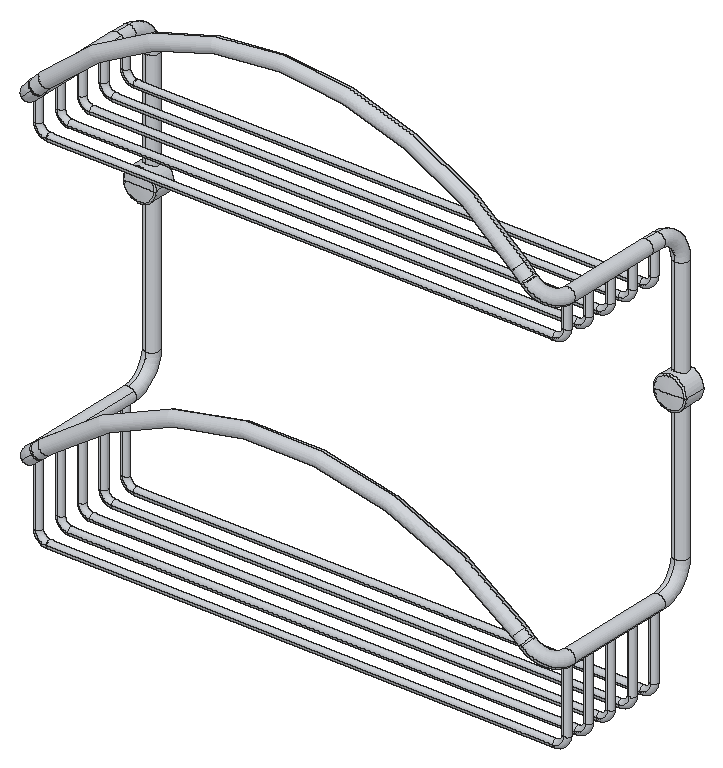
Revit family "Reece_Accessory_Posh_Solus_Double Shelf System", category Plumbing Fixtures, Revit 2018
Family settings
  Round Connector Dimension = Use Diameter
  Part Type = Normal
  Work Plane-Based = Yes
  Always vertical = Yes
  Cut with Voids When Loaded = Yes
  Shared = Yes
  Room Calculation Point = Yes
Parameters
  URL = "https://www.reece.com.au/product/-2260175"
  Type Comments = "Accessory"
  Reece_Product_Web Page = "https://www.reece.com.au/product/-2260175"
  Reece_Product_Type = "Accessory"  # constant formula
  Reece_Product_Sub Brand = "Solus"  # constant formula
  Reece_Product_Number = "2260175"
  Reece_Product_Mount = "Wall Mounted"
  Reece_Product_Description = "Posh Solus Double Shelf System Chrome"
  Reece_Product_Brand = "Posh"  # constant formula
  Reece_Overall_Width = 100 mm  # constant formula
  Reece_Overall_Length = 300 mm  # constant formula
  Reece_Overall_Height = 299 mm  # constant formula
  Reece_Material_Main = Reece_Brass_Chrome
  Reece_Height_From_Level [instance] = 1000 mm
  Reece_Detail_Installation = "Wall Mounted"  # constant formula
  Reece_Detail_Disclaimer = "THIS FILE IS THE PROPERTY OF THE REECE GROUP. IT MAY NOT BE REPRODUCED, REVERSE-ENGINEERED OR MODIFIED. ANY REPUBLICATION, TRANSMISSION OR DISTRIBUTION FOR THE PURPOSE OF COMMERCIALLY EXPLOITING THE FILES IS PROHIBITED."  # constant formula
  Reece_Detail_Additional = "Double Shelf System"  # constant formula
  Model = "Solus"
  Manufacturer = "Posh"
  Keynote = "Product #2260175, Reece_Accessory_Posh_Solus_Double Shelf System -  "
  Disclaimer = "THIS FILE IS THE PROPERTY OF THE REECE GROUP. IT MAY NOT BE REPRODUCED, REVERSE-ENGINEERED OR MODIFIED. ANY REPUBLICATION, TRANSMISSION OR DISTRIBUTION FOR THE PURPOSE OF COMMERCIALLY EXPLOITING THE FILES IS PROHIBITED."  # constant formula
  Description = "Posh Solus Double Shelf System Chrome"
  Default Elevation = 0 mm
Types (2, lengths in mm): name | Keynote
  (no name) | "Product #2260175, Reece_Accessory_Posh_Solus_Double Shelf System -  "
  Chrome | "Product #2260175, Reece_Accessory_Posh_Solus_Double Shelf System - Chrome"
Reference planes
  plane 1 "Center (Front/Back)": y = 0
  plane 2 "Bottom Host Plane": z = -5
  plane 3 "Center (Left/Right)": x = 0
  plane 4 "Height From Floor": z = 1000
  plane 5: z = 1152.602
  plane 6: z = 853.602
  plane 7: x = 150
  plane 8: x = -150
  plane 9: y = -100
  plane 10: y = -20.3
Lines and regions (mm)
  model lines, style "InvisibleLines"
    curve 1: line (0, 0, -5) -> (0, 0, 1000)
Text (mm)
  text "Reece ©" at (2668.853, -2395.367, 2952.593), in view "Reece Preview"
  text "Reece Copyright © 2018, Reece Ltd." at (-247.475, -190.626, 0), in view "Ref. Level"
Dimensions and locks
  plane 2 "Bottom Host Plane" to level = 5 mm
  locked: level to plane 2 "Bottom Host Plane" at 5
  "Reece_Height_From_Level": plane 4 "Height From Floor" to level
  equal spacing: plane 8, plane 3 "Center (Left/Right)", plane 7
  "Reece_Overall_Length": plane 8 to plane 7
  "Reece_Overall_Width": plane 9 to plane 1 "Center (Front/Back)"
  "Reece_Overall_Height": plane 5 to plane 6
  locked: plane 5 to plane 4 "Height From Floor" at 152.602
  plane 10 to plane 1 "Center (Front/Back)" = 20.3 mm
  aligned and locked: plane 2 "Bottom Host Plane" to curve 1
  aligned and locked: plane 4 "Height From Floor" to curve 1
  aligned and locked: plane 3 "Center (Left/Right)" to nested 1
  aligned and locked: plane 3 "Center (Left/Right)" to curve 1
  aligned and locked: nested 1 to plane 4 "Height From Floor"
Nested families
  nested 1: "Reece_Accessory_Posh_Solus_Double Shelf System_Nested" at (0, 0, 853.602), Reece_Material_Main <- "Reece_Material_Main", type "Chrome"
    with Reece_Material_Main Reece_Brass_Chrome
Definition of nested family "Reece_Accessory_Posh_Solus_Double Shelf System_Nested"
  Parameters (values of type "Chrome")
    Reece_Overall_Width = 100 mm  # constant formula
    Reece_Overall_Length = 300 mm  # constant formula
    Reece_Overall_Height = 299 mm  # constant formula
    Reece_Material_Main [instance] = none
    Default Elevation = 0 mm
  Reference planes
    plane 1 "Center (Front/Back)": y = 0
    plane 2 "Bottom Host Plane": z = 0
    plane 3 "Center (Left/Right)": x = 0
    plane 4: z = 299
    plane 5: z = 0
    plane 6: x = 150
    plane 7: x = -150
    plane 8: y = -100
    plane 9: z = 146.398
    plane 10: z = 112
  Forms (mm)
    Revolve 1, solid, material <- "Reece_Material_Main"
      sketch origin (-123.736, -5.566, 146.398) x (-1, 0, 0) y (0, -1, 0)
        loop
          line (22.5, -5.566) -> (31.5, -5.566) -> (31.5, 6.031)
          arc (31.5, 6.031) -> (31.307, 6.551) -> (30.821, 6.819) r 0.797
          arc (30.821, 6.819) -> (26.672, 7.284) -> (22.5, 7.439) r 56.13
          line (22.5, 7.439) -> (22.5, -5.566)
        axis (22.5, -5.566) -> (22.5, 7.439)
      angle from 0 to 360
    Sweep 2, solid, material <- "Reece_Material_Main"
      path origin (-13.375, -84.316, -707.027) x (-1, 0, 0) y (0, 0, 1)
        loop
          line (-161.157, 752.488) -> (-161.157, 715.027)
          arc (-161.157, 715.027) -> (-158.814, 709.371) -> (-153.157, 707.027) r 8
          line (-153.157, 707.027) -> (126.425, 707.027)
          arc (126.425, 707.027) -> (132.082, 709.371) -> (134.425, 715.027) r 8
          line (134.425, 715.027) -> (134.425, 752.488)
      profile origin (147.782, -84.316, 26.73) x (0, 1, 0) y (-1, 0, 0)
        loop
          circle (2, 2) r 2
    Sweep 3, solid, material <- "Reece_Material_Main"
      path origin (-13.375, -100, -428.387) x (-1, 0, 0) y (0, 0, 1)
        loop
          line (-148.769, 664.429) -> (-144.044, 669.154)
          arc (-144.044, 669.154) -> (-13.375, 723.279) -> (117.294, 669.154) r 184.794
          line (117.294, 669.154) -> (122.019, 664.429)
      profile origin (133.032, -100, 238.405) x (0.707107, 0, 0.707107) y (0, 1, 0)
        loop
          circle (0, 4) r 4
    Sweep 4, solid, material <- "Reece_Material_Main"
      path origin (-150, -124.441, -622.027) x (0, 1, 0) y (0, 0, 1)
        loop
          arc (104.441, 664.502) -> (118.583, 670.36) -> (124.441, 684.502) r 20
          line (124.441, 684.502) -> (124.441, 831.464)
          arc (124.441, 831.464) -> (118.583, 845.606) -> (104.441, 851.464) r 20
          line (104.441, 851.464) -> (96.116, 851.464)
      profile origin (-150, 0, 135.956) x (0, -1, 0) y (1, 0, 0)
        loop
          circle (4, 4) r 4
    Revolve 5, solid, material <- "Reece_Material_Main"
      sketch origin (123.736, -5.566, 146.398) x (1, 0, 0) y (0, 1, 0)
        loop
          line (22.5, 5.566) -> (22.5, -7.439)
          arc (22.5, -7.439) -> (26.672, -7.284) -> (30.821, -6.819) r 56.13
          arc (30.821, -6.819) -> (31.307, -6.551) -> (31.5, -6.031) r 0.797
          line (31.5, -6.031) -> (31.5, 5.566) -> (22.5, 5.566)
        axis (22.5, 5.566) -> (22.5, -7.439)
      angle from 0 to 360
    Sweep 6, solid, material <- "Reece_Material_Main"
      path origin (-13.375, -69.316, -707.027) x (-1, 0, 0) y (0, 0, 1)
        loop
          line (-161.157, 752.488) -> (-161.157, 715.027)
          arc (-161.157, 715.027) -> (-158.814, 709.371) -> (-153.157, 707.027) r 8
          line (-153.157, 707.027) -> (126.425, 707.027)
          arc (126.425, 707.027) -> (132.082, 709.371) -> (134.425, 715.027) r 8
          line (134.425, 715.027) -> (134.425, 752.488)
      profile origin (147.782, -69.316, 26.73) x (0, 1, 0) y (-1, 0, 0)
        loop
          circle (2, 2) r 2
    Sweep 7, solid, material <- "Reece_Material_Main"
      path origin (-13.375, -54.316, -707.027) x (-1, 0, 0) y (0, 0, 1)
        loop
          line (-161.157, 752.488) -> (-161.157, 715.027)
          arc (-161.157, 715.027) -> (-158.814, 709.371) -> (-153.157, 707.027) r 8
          line (-153.157, 707.027) -> (126.425, 707.027)
          arc (126.425, 707.027) -> (132.082, 709.371) -> (134.425, 715.027) r 8
          line (134.425, 715.027) -> (134.425, 752.488)
      profile origin (147.782, -54.316, 26.73) x (0, 1, 0) y (-1, 0, 0)
        loop
          circle (2, 2) r 2
    Sweep 8, solid, material <- "Reece_Material_Main"
      path origin (-13.375, -39.316, -707.027) x (-1, 0, 0) y (0, 0, 1)
        loop
          line (-161.157, 752.488) -> (-161.157, 715.027)
          arc (-161.157, 715.027) -> (-158.814, 709.371) -> (-153.157, 707.027) r 8
          line (-153.157, 707.027) -> (126.425, 707.027)
          arc (126.425, 707.027) -> (132.082, 709.371) -> (134.425, 715.027) r 8
          line (134.425, 715.027) -> (134.425, 752.488)
      profile origin (147.782, -39.316, 26.73) x (0, 1, 0) y (-1, 0, 0)
        loop
          circle (2, 2) r 2
    Sweep 9, solid, material <- "Reece_Material_Main"
      path origin (-13.375, -24.316, -707.027) x (-1, 0, 0) y (0, 0, 1)
        loop
          line (-161.157, 752.488) -> (-161.157, 715.027)
          arc (-161.157, 715.027) -> (-158.814, 709.371) -> (-153.157, 707.027) r 8
          line (-153.157, 707.027) -> (126.425, 707.027)
          arc (126.425, 707.027) -> (132.082, 709.371) -> (134.425, 715.027) r 8
          line (134.425, 715.027) -> (134.425, 752.488)
      profile origin (147.782, -24.316, 26.73) x (0, 1, 0) y (-1, 0, 0)
        loop
          circle (2, 2) r 2
    Sweep 10, solid, material <- "Reece_Material_Main"
      path origin (-13.375, -84.316, -505.777) x (-1, 0, 0) y (0, 0, 1)
        loop
          line (-161.157, 730.027) -> (-161.157, 715.027)
          arc (-161.157, 715.027) -> (-158.814, 709.371) -> (-153.157, 707.027) r 8
          line (-153.157, 707.027) -> (126.425, 707.027)
          arc (126.425, 707.027) -> (132.082, 709.371) -> (134.425, 715.027) r 8
          line (134.425, 715.027) -> (134.425, 730.027)
      profile origin (147.782, -84.316, 216.75) x (0, 1, 0) y (-1, 0, 0)
        loop
          circle (2, 2) r 2
    Sweep 11, solid, material <- "Reece_Material_Main"
      path origin (-13.375, -69.316, -505.777) x (-1, 0, 0) y (0, 0, 1)
        loop
          line (-161.157, 730.027) -> (-161.157, 715.027)
          arc (-161.157, 715.027) -> (-158.814, 709.371) -> (-153.157, 707.027) r 8
          line (-153.157, 707.027) -> (126.425, 707.027)
          arc (126.425, 707.027) -> (132.082, 709.371) -> (134.425, 715.027) r 8
          line (134.425, 715.027) -> (134.425, 730.027)
      profile origin (147.782, -69.316, 216.75) x (0, 1, 0) y (-1, 0, 0)
        loop
          circle (2, 2) r 2
    Sweep 12, solid, material <- "Reece_Material_Main"
      path origin (-13.375, -54.316, -505.777) x (-1, 0, 0) y (0, 0, 1)
        loop
          line (-161.157, 730.027) -> (-161.157, 715.027)
          arc (-161.157, 715.027) -> (-158.814, 709.371) -> (-153.157, 707.027) r 8
          line (-153.157, 707.027) -> (126.425, 707.027)
          arc (126.425, 707.027) -> (132.082, 709.371) -> (134.425, 715.027) r 8
          line (134.425, 715.027) -> (134.425, 730.027)
      profile origin (147.782, -54.316, 216.75) x (0, 1, 0) y (-1, 0, 0)
        loop
          circle (2, 2) r 2
    Sweep 13, solid, material <- "Reece_Material_Main"
      path origin (-13.375, -39.316, -505.777) x (-1, 0, 0) y (0, 0, 1)
        loop
          line (-161.157, 730.027) -> (-161.157, 715.027)
          arc (-161.157, 715.027) -> (-158.814, 709.371) -> (-153.157, 707.027) r 8
          line (-153.157, 707.027) -> (126.425, 707.027)
          arc (126.425, 707.027) -> (132.082, 709.371) -> (134.425, 715.027) r 8
          line (134.425, 715.027) -> (134.425, 730.027)
      profile origin (147.782, -39.316, 216.75) x (0, 1, 0) y (-1, 0, 0)
        loop
          circle (2, 2) r 2
    Sweep 14, solid, material <- "Reece_Material_Main"
      path origin (-13.375, -24.316, -505.777) x (-1, 0, 0) y (0, 0, 1)
        loop
          line (-161.157, 730.027) -> (-161.157, 715.027)
          arc (-161.157, 715.027) -> (-158.814, 709.371) -> (-153.157, 707.027) r 8
          line (-153.157, 707.027) -> (126.425, 707.027)
          arc (126.425, 707.027) -> (132.082, 709.371) -> (134.425, 715.027) r 8
          line (134.425, 715.027) -> (134.425, 730.027)
      profile origin (147.782, -24.316, 216.75) x (0, 1, 0) y (-1, 0, 0)
        loop
          circle (2, 2) r 2
    Sweep 15, solid, material <- "Reece_Material_Main"
      path origin (611.151, -116.441, -234.058) x (0, 1, 0) y (0.707107, 0, -0.707107)
        loop
          line (88.116, -657.823) -> (34.441, -657.823)
          arc (34.441, -657.823) -> (27.37, -660.752) -> (24.441, -667.823) r 10
          line (24.441, -667.823) -> (24.441, -668.822)
      profile origin (146, -55.162, 231.094) x (-0.707107, 0, 0.707107) y (-0.707107, 0, -0.707107)
        loop
          circle (-4, 4) r 4
    Sweep 16, solid, material <- "Reece_Material_Main"
      path origin (-611.151, -116.441, -234.058) x (0, 1, 0) y (0.707107, 0, 0.707107)
        loop
          line (88.116, 657.823) -> (34.441, 657.823)
          arc (34.441, 657.823) -> (27.37, 660.752) -> (24.441, 667.823) r 10
          line (24.441, 667.823) -> (24.441, 668.822)
      profile origin (-146, -55.162, 231.094) x (-0.707107, 0, -0.707107) y (0.707107, 0, -0.707107)
        loop
          circle (4, 4) r 4
    Sweep 17, solid, material <- "Reece_Material_Main"
      path origin (150, -124.441, -622.027) x (0, 1, 0) y (0, 0, -1)
        loop
          arc (104.441, -664.502) -> (118.583, -670.36) -> (124.441, -684.502) r 20
          line (124.441, -684.502) -> (124.441, -831.464)
          arc (124.441, -831.464) -> (118.583, -845.606) -> (104.441, -851.464) r 20
          line (104.441, -851.464) -> (96.116, -851.464)
      profile origin (150, 0, 135.956) x (0, 1, 0) y (-1, 0, 0)
        loop
          circle (-4, 4) r 4
    Sweep 18, solid, material <- "Reece_Material_Main"
      path origin (-13.375, -100, -607.349) x (-1, 0, 0) y (0, 0, 1)
        loop
          line (121.22, 663.564) -> (117.418, 666.812)
          arc (117.418, 666.812) -> (-13.375, 715.064) -> (-144.168, 666.812) r 201.39
          line (-144.168, 666.812) -> (-147.97, 663.564)
      profile origin (-132.694, -100, 57.84) x (0.649448, 0, -0.760406) y (0, 1, 0)
        loop
          circle (0, 4) r 4
    Sweep 19, solid, material <- "Reece_Material_Main"
      path origin (-645.769, -116.441, -375.108) x (0, 1, 0) y (0.760406, 0, 0.649448)
        loop
          line (96.441, 657.823) -> (34.441, 657.823)
          arc (34.441, 657.823) -> (27.37, 660.752) -> (24.441, 667.823) r 10
          line (24.441, 667.823) -> (24.441, 668.822)
      profile origin (-145.556, -51, 52.114) x (-0.760406, 0, -0.649448) y (0.649448, 0, -0.760406)
        loop
          circle (4, 4) r 4
    Sweep 20, solid, material <- "Reece_Material_Main"
      path origin (645.769, -116.441, -375.108) x (0, 1, 0) y (0.760406, 0, -0.649448)
        loop
          line (96.441, -657.823) -> (34.441, -657.823)
          arc (34.441, -657.823) -> (27.37, -660.752) -> (24.441, -667.823) r 10
          line (24.441, -667.823) -> (24.441, -668.822)
      profile origin (145.556, -51, 52.114) x (-0.760406, 0, 0.649448) y (-0.649448, 0, -0.760406)
        loop
          circle (-4, 4) r 4
  Cuts and joins
    joined: Revolve 1, Sweep 2, Sweep 3, Sweep 4, Revolve 5, Sweep 6, Sweep 7, Sweep 8, Sweep 9, Sweep 10, Sweep 11, Sweep 12, Sweep 13, Sweep 14, Sweep 15, Sweep 16, Sweep 17, Sweep 18, Sweep 19, Sweep 20
  Text (mm)
    text "Reece ©" at (2668.853, -2395.367, 2952.593), in view "Reece Preview"
    text "Reece Copyright © 2018, Reece Ltd." at (-247.475, -190.626, 0), in view "Ref. Level"
  Dimensions and locks
    plane 2 "Bottom Host Plane" to level = 0 mm
    level to plane 2 "Bottom Host Plane" = 0 mm
    equal spacing: plane 7, plane 3 "Center (Left/Right)", plane 6
    "Reece_Overall_Length": plane 7 to plane 6
    "Reece_Overall_Width": plane 8 to plane 1 "Center (Front/Back)"
    "Reece_Overall_Height": plane 4 to plane 5
    aligned and locked: level to plane 2 "Bottom Host Plane"
  Automatic sketch dimensions
    plane 1 "Center (Front/Back)" to Revolve 1 sketch curve = 0 mm
    Revolve 1 sketch curve to plane 7 = 3.764 mm
    plane 7 to Revolve 1 sketch curve = 4.439 mm
    plane 7 to Revolve 1 sketch curve = 5.236 mm
    Revolve 1 sketch curve to Revolve 1 sketch curve = 43.124 mm
    plane 1 "Center (Front/Back)" to Revolve 1 sketch curve = 11.597 mm
    Revolve 1 sketch curve to Revolve 1 sketch curve = 1.409 mm
    Revolve 1 sketch curve to Revolve 1 sketch curve = 0 mm
    plane 1 "Center (Front/Back)" to Revolve 1 sketch curve = 5.566 mm
    Revolve 1 sketch curve to Revolve 1 sketch curve = 0.973 mm
    Sweep 2 sketch curve to level = 0 mm
    Sweep 2 sketch curve to plane 6 = 2.218 mm
    Sweep 2 sketch curve to plane 6 = 10.218 mm
    Sweep 2 sketch curve to plane 7 = 10.2 mm
    Sweep 2 sketch curve to plane 7 = 2.2 mm
    Sweep 2 sketch curve to Sweep 2 sketch curve = 37.46 mm  (x2)
    profile plane to Sweep 2 sketch curve = 2 mm
    Sweep 2 sketch curve to profile plane = 2 mm
    Sweep 3 sketch curve to plane 3 "Center (Left/Right)" = 0 mm
    Sweep 3 sketch curve to plane 6 = 19.331 mm
    Sweep 3 sketch curve to plane 7 = 19.331 mm
    Sweep 3 sketch curve to plane 10 = 1.901 mm
    plane 4 to Sweep 3 sketch curve = 58.232 mm
    Sweep 3 sketch curve to Sweep 3 sketch curve = 4.725 mm  (x4)
    Sweep 3 sketch curve to profile plane = 0 mm
    profile plane to Sweep 3 sketch curve = 4 mm
    Sweep 4 sketch curve to plane 1 "Center (Front/Back)" = 0 mm
    plane 1 "Center (Front/Back)" to Sweep 4 sketch curve = 20 mm
    Sweep 4 sketch curve to Sweep 4 sketch curve = 20 mm
    Sweep 4 sketch curve to plane 10 = 49.525 mm
    plane 9 to Sweep 4 sketch curve = 63.038 mm
    Sweep 4 sketch curve to Sweep 4 sketch curve = 0 mm
    Sweep 4 sketch curve to Sweep 4 sketch curve = 8.325 mm
    Sweep 4 sketch curve to profile plane = 4 mm
    profile plane to Sweep 4 sketch curve = 4 mm
    plane 1 "Center (Front/Back)" to Revolve 5 sketch curve = 0 mm
    Revolve 5 sketch curve to plane 6 = 3.764 mm  (x2)
    plane 6 to Revolve 5 sketch curve = 4.439 mm
    plane 6 to Revolve 5 sketch curve = 5.236 mm
    plane 1 "Center (Front/Back)" to Revolve 5 sketch curve = 11.597 mm
    Revolve 5 sketch curve to Revolve 5 sketch curve = 1.409 mm
    Revolve 5 sketch curve to Revolve 5 sketch curve = 43.124 mm
    Revolve 5 sketch curve to Revolve 5 sketch curve = 0 mm
    plane 1 "Center (Front/Back)" to Revolve 5 sketch curve = 5.566 mm
    Revolve 5 sketch curve to Revolve 5 sketch curve = 0.973 mm
    Sweep 6 sketch curve to level = 0 mm
    Sweep 6 sketch curve to plane 6 = 2.218 mm
    Sweep 6 sketch curve to plane 6 = 10.218 mm
    Sweep 6 sketch curve to plane 7 = 10.2 mm
    Sweep 6 sketch curve to plane 7 = 2.2 mm
    Sweep 6 sketch curve to Sweep 6 sketch curve = 37.46 mm  (x2)
    profile plane to Sweep 6 sketch curve = 2 mm
    Sweep 6 sketch curve to profile plane = 2 mm
    Sweep 7 sketch curve to level = 0 mm
    Sweep 7 sketch curve to plane 6 = 2.218 mm
    Sweep 7 sketch curve to plane 6 = 10.218 mm
    Sweep 7 sketch curve to plane 7 = 10.2 mm
    Sweep 7 sketch curve to plane 7 = 2.2 mm
    Sweep 7 sketch curve to Sweep 7 sketch curve = 37.46 mm  (x2)
    profile plane to Sweep 7 sketch curve = 2 mm
    Sweep 7 sketch curve to profile plane = 2 mm
    Sweep 8 sketch curve to level = 0 mm
    Sweep 8 sketch curve to plane 6 = 2.218 mm
    Sweep 8 sketch curve to plane 6 = 10.218 mm
    Sweep 8 sketch curve to plane 7 = 10.2 mm
    Sweep 8 sketch curve to plane 7 = 2.2 mm
    Sweep 8 sketch curve to Sweep 8 sketch curve = 37.46 mm  (x2)
    profile plane to Sweep 8 sketch curve = 2 mm
    Sweep 8 sketch curve to profile plane = 2 mm
    Sweep 9 sketch curve to level = 0 mm
    Sweep 9 sketch curve to plane 6 = 2.218 mm
    Sweep 9 sketch curve to plane 6 = 10.218 mm
    Sweep 9 sketch curve to plane 7 = 10.2 mm
    Sweep 9 sketch curve to plane 7 = 2.2 mm
    Sweep 9 sketch curve to Sweep 9 sketch curve = 37.46 mm  (x2)
    profile plane to Sweep 9 sketch curve = 2 mm
    Sweep 9 sketch curve to profile plane = 2 mm
    Sweep 10 sketch curve to plane 6 = 2.218 mm
    Sweep 10 sketch curve to plane 6 = 10.218 mm
    Sweep 10 sketch curve to plane 7 = 10.2 mm
    Sweep 10 sketch curve to plane 7 = 2.2 mm
    plane 9 to Sweep 10 sketch curve = 54.852 mm
    Sweep 10 sketch curve to Sweep 10 sketch curve = 15 mm  (x2)
    profile plane to Sweep 10 sketch curve = 2 mm
    Sweep 10 sketch curve to profile plane = 2 mm
    Sweep 11 sketch curve to plane 6 = 2.218 mm
    Sweep 11 sketch curve to plane 6 = 10.218 mm
    Sweep 11 sketch curve to plane 7 = 10.2 mm
    Sweep 11 sketch curve to plane 7 = 2.2 mm
    plane 9 to Sweep 11 sketch curve = 54.852 mm
    Sweep 11 sketch curve to Sweep 11 sketch curve = 15 mm  (x2)
    profile plane to Sweep 11 sketch curve = 2 mm
    Sweep 11 sketch curve to profile plane = 2 mm
    Sweep 12 sketch curve to plane 6 = 2.218 mm
    Sweep 12 sketch curve to plane 6 = 10.218 mm
    Sweep 12 sketch curve to plane 7 = 10.2 mm
    Sweep 12 sketch curve to plane 7 = 2.2 mm
    plane 9 to Sweep 12 sketch curve = 54.852 mm
    Sweep 12 sketch curve to Sweep 12 sketch curve = 15 mm  (x2)
    profile plane to Sweep 12 sketch curve = 2 mm
    Sweep 12 sketch curve to profile plane = 2 mm
    Sweep 13 sketch curve to plane 6 = 2.218 mm
    Sweep 13 sketch curve to plane 6 = 10.218 mm
    Sweep 13 sketch curve to plane 7 = 10.2 mm
    Sweep 13 sketch curve to plane 7 = 2.2 mm
    plane 9 to Sweep 13 sketch curve = 54.852 mm
    Sweep 13 sketch curve to Sweep 13 sketch curve = 15 mm  (x2)
    profile plane to Sweep 13 sketch curve = 2 mm
    Sweep 13 sketch curve to profile plane = 2 mm
    Sweep 14 sketch curve to plane 6 = 2.218 mm
    Sweep 14 sketch curve to plane 6 = 10.218 mm
    Sweep 14 sketch curve to plane 7 = 10.2 mm
    Sweep 14 sketch curve to plane 7 = 2.2 mm
    plane 9 to Sweep 14 sketch curve = 54.852 mm
    Sweep 14 sketch curve to Sweep 14 sketch curve = 15 mm  (x2)
    profile plane to Sweep 14 sketch curve = 2 mm
    Sweep 14 sketch curve to profile plane = 2 mm
    plane 8 to Sweep 15 sketch curve = 8 mm
    Sweep 15 sketch curve to Sweep 15 sketch curve = 10 mm
    plane 1 "Center (Front/Back)" to Sweep 15 sketch curve = 28.325 mm
    Sweep 15 sketch curve to Sweep 15 sketch curve = 0.999 mm
    profile plane to Sweep 15 sketch curve = 4 mm  (x2)
    plane 8 to Sweep 16 sketch curve = 8 mm
    Sweep 16 sketch curve to Sweep 16 sketch curve = 10 mm
    plane 1 "Center (Front/Back)" to Sweep 16 sketch curve = 28.325 mm
    Sweep 16 sketch curve to Sweep 16 sketch curve = 0.999 mm
    Sweep 16 sketch curve to profile plane = 4 mm
    profile plane to Sweep 16 sketch curve = 4 mm
    Sweep 17 sketch curve to plane 1 "Center (Front/Back)" = 0 mm
    plane 1 "Center (Front/Back)" to Sweep 17 sketch curve = 20 mm
    Sweep 17 sketch curve to Sweep 17 sketch curve = 20 mm
    plane 4 to Sweep 17 sketch curve = 69.563 mm
    Sweep 17 sketch curve to plane 10 = 49.525 mm
    Sweep 17 sketch curve to Sweep 17 sketch curve = 8.325 mm
    profile plane to Sweep 17 sketch curve = 4 mm  (x2)
    Sweep 18 sketch curve to plane 3 "Center (Left/Right)" = 0 mm
    Sweep 18 sketch curve to plane 6 = 19.207 mm
    Sweep 18 sketch curve to plane 7 = 19.207 mm
    Sweep 18 sketch curve to level = 93.675 mm
    Sweep 18 sketch curve to plane 10 = 52.537 mm
    Sweep 18 sketch curve to Sweep 18 sketch curve = 3.802 mm  (x2)
    Sweep 18 sketch curve to Sweep 18 sketch curve = 3.247 mm  (x2)
    Sweep 18 sketch curve to profile plane = 0 mm
    profile plane to Sweep 18 sketch curve = 4 mm
    plane 8 to Sweep 19 sketch curve = 8 mm
    Sweep 19 sketch curve to Sweep 19 sketch curve = 10 mm
    plane 1 "Center (Front/Back)" to Sweep 19 sketch curve = 20 mm
    Sweep 19 sketch curve to Sweep 19 sketch curve = 0.999 mm
    Sweep 19 sketch curve to profile plane = 4 mm
    profile plane to Sweep 19 sketch curve = 4 mm
    plane 8 to Sweep 20 sketch curve = 8 mm
    Sweep 20 sketch curve to Sweep 20 sketch curve = 10 mm
    plane 1 "Center (Front/Back)" to Sweep 20 sketch curve = 20 mm
    Sweep 20 sketch curve to Sweep 20 sketch curve = 0.999 mm
    profile plane to Sweep 20 sketch curve = 4 mm  (x2)
    radius of Sweep 2 sketch curve = 2 mm
    radius of Sweep 3 sketch curve = 4 mm
    radius of Sweep 4 sketch curve = 4 mm
    radius of Sweep 6 sketch curve = 2 mm
    radius of Sweep 7 sketch curve = 2 mm
    radius of Sweep 8 sketch curve = 2 mm
    radius of Sweep 9 sketch curve = 2 mm
    radius of Sweep 10 sketch curve = 2 mm
    radius of Sweep 11 sketch curve = 2 mm
    radius of Sweep 12 sketch curve = 2 mm
    radius of Sweep 13 sketch curve = 2 mm
    radius of Sweep 14 sketch curve = 2 mm
    radius of Sweep 15 sketch curve = 4 mm
    radius of Sweep 16 sketch curve = 4 mm
    radius of Sweep 17 sketch curve = 4 mm
    radius of Sweep 18 sketch curve = 4 mm
    radius of Sweep 19 sketch curve = 4 mm
    radius of Sweep 20 sketch curve = 4 mm
